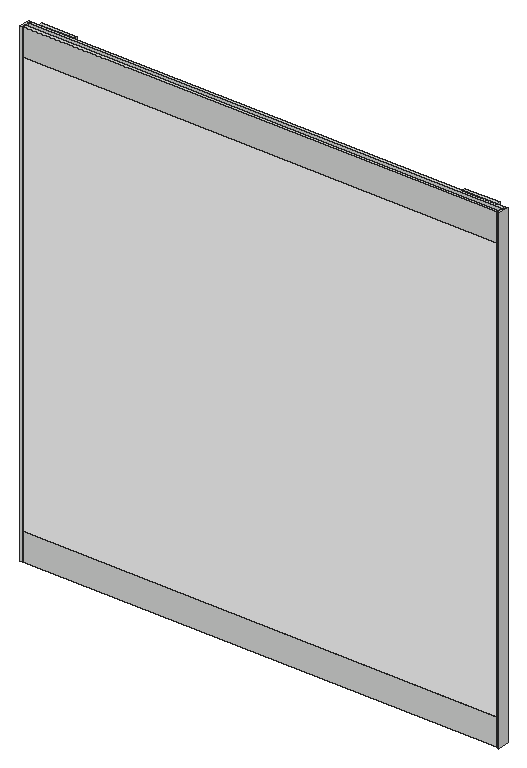
Revit family "Work_Tools-Teknion-AFWS_Focus_Wall_Sliding_Whiteboard-R2019", category Furniture, Revit 2019
Family settings
  OmniClass Number = 23.40.20.00
  OmniClass Title = General Furniture and Specialties
  Work Plane-Based = No
  Always vertical = Yes
  Cut with Voids When Loaded = No
  Shared = Yes
  Room Calculation Point = No
Parameters (values of type "48" Height")
  Width [instance] = 48.000"
  Warranty = "http://www.teknion.com/ca/papers/legal-canada"
  Unit Weight URL = "http://www.teknion.com/ca/tools/assets#&asset=bee6a381-b954-425e-8283-5a2de3a804f2,f828d448-4b62-4231-9e5f-9a8991c0ed77"
  URL = "www.teknion.com"
  To render please download texture images found here [instance] = "https://assets.teknion.com/web/5e81352c1dfdb467/revit-material-swatches/"
  Sustainability Data = "https://www.teknion.com/ca/tools/assets#&topic=216f99a5-57a0-44fc-b10a-9dee9b29ae4c&asset=444deb64-fe58-4b68-981e-f75e97781df7,b4ff2d81-9f2e-437d-9659-7cffb09c31cf"
  Series = "Tables & Collaborative Spaces"  # constant formula
  Product Page URL = "https://www.teknion.com/ca/products/product-details?productLineId=0191336e-8e7a-673b-a6c8-ff00004460c4"
  Product Line = "Tables & Collaborative Spaces"  # constant formula
  Product Documentation Link = "https://www.teknion.com/pricing/tables/pdfs/AFWS_ppg.pdf"
  Part Number = "AFWS"  # constant formula
  Model = "AFWS48__"
  Manufacturer Phone = "416-661-3370"  # constant formula
  Manufacturer Fax = "416.661.4586"  # constant formula
  Manufacturer Contact Information = "http://www.teknion.com/ca/contactus"
  Manufacturer Address = "1150 Flint Road, Toronto, ON. M3J 2J5. Canada"  # constant formula
  Manufacturer = "Teknion"  # constant formula
  How To Use Teknion Materials User Guide [instance] = "https://assets.teknion.com/m/205dd0a49fa58060/original/How-to-add-a-Material-Library-and-Texture-Images-to-your-Revit-project.pdf"
  Height = 78.250"
  For Additional Finishes please visit [instance] = "https://assets.teknion.com/m/44a8009b046e5d47/original/Teknion_Materials_Library.zip"
  Description = "Focus Wall Sliding Whiteboard, 48\" Height"
  Connection Node Visibility [instance] = yes
  Available Widths [instance] = "24\", 30\", 36\", 42\", or 48\""  # constant formula
  Assembly Code = "E2020200"
Types (3): name | Model | Height | Description
  (no name) | "AFWS48__" | 78.250" | "Focus Wall Sliding Whiteboard, 48\" Height"
  42" Height | "AFWS42__" | 72.250" | "Focus Wall Sliding Whiteboard, 42\" Height"
  48" Height | "AFWS48__" | 78.250" | "Focus Wall Sliding Whiteboard, 48\" Height"
Reference planes (in)
  plane 1 "Center Front/Back": y = -0.69094
  plane 2: z = 0
  plane 3 "Center Left/Right": x = 0
  plane 4 "Left": x = -24
  plane 5 "Right": x = 24
  plane 6 "Back": y = 0
  plane 7 "Front": y = -1.38189
  plane 8 "Top": z = 78.25
  plane 9: y = 1.80448
Forms (in)
  Sweep 1, solid, material "Metal - Teknion - AC - Clear Anodized"
    path origin (0, -0.69094, 0) x (1, 0, 0) y (0, 0, 1)
      loop
        line (0, 30.25) -> (0, 78.25)
    profile origin (0, -0.69094, 54.25) x (-1, 0, 0) y (0, -1, 0)
      loop
        line (24, -0.34843) -> (24, 0.69094) -> (23.74016, 0.69094) -> (23.74016, -0.34843) -> (24, -0.34843)
      loop
        line (-24, -0.34843) -> (-23.74016, -0.34843) -> (-23.74016, 0.69094) -> (-24, 0.69094) -> (-24, -0.34843)
  Sweep 2, solid, material "Metal - Teknion - AC - Clear Anodized"
    path origin (0, 0, 0) x (1, 0, 0) y (0, 1, 0)
      loop
        line (-23.74016, -0.69094) -> (23.74016, -0.69094)
    profile origin (0, -0.69094, 0) x (0, 1, 0) y (0, 0, 1)
      loop
        line (-0.69094, 75.49409) -> (0.34843, 75.49409) -> (0.34843, 78.25) -> (0.01772, 78.25) -> (0.01772, 77.91535) -> (-0.43504, 77.91535) -> (-0.43504, 78.25) -> (-0.69094, 78.25) -> (-0.69094, 75.49409)
      loop
        line (0.34843, 33.00591) -> (-0.69094, 33.00591) -> (-0.69094, 30.25) -> (0.34843, 30.25) -> (0.34843, 33.00591)
  Sweep 3, solid, material "Metal - Teknion - AC - Clear Anodized"
    path origin (0, 0, 0) x (1, 0, 0) y (0, 1, 0)
      loop
        line (0, -0.34252) -> (0, 0)
    profile origin (0, -0.17126, 0) x (-1, 0, 0) y (0, 0, 1)
      loop
        line (22.91732, 75.49409) -> (22.91732, 78.25) -> (19.41339, 78.25) -> (19.41339, 75.49409) -> (22.91732, 75.49409)
      loop
        line (-22.91732, 75.49409) -> (-19.41339, 75.49409) -> (-19.41339, 78.25) -> (-22.91732, 78.25) -> (-22.91732, 75.49409)
      loop
        line (22.91732, 30.25) -> (22.91732, 33.00591) -> (19.41339, 33.00591) -> (19.41339, 30.25) -> (22.91732, 30.25)
      loop
        line (-19.41339, 30.25) -> (-19.41339, 33.00591) -> (-22.91732, 33.00591) -> (-22.91732, 30.25) -> (-19.41339, 30.25)
  Sweep 4, solid, material "Metal-Teknion-WZ-Whiteboard"
    path origin (0, 0, 0) x (1, 0, 0) y (0, 1, 0)
      loop
        line (0, -0.34252) -> (0, -1.38189)
    profile origin (0, -0.8622, 0) x (1, 0, 0) y (0, 0, 1)
      loop
        line (-23.74016, 75.49409) -> (-23.74016, 33.00591) -> (23.74016, 33.00591) -> (23.74016, 75.49409) -> (-23.74016, 75.49409)
Lines and regions (in)
  Masking region 1
    outline origin (0, 0, 0) x (1, 0, 0) y (0, 1, 0)
      loop
        line (-24, -0.34252) -> (-24, -1.38189) -> (-23.74016, -1.38189) -> (-23.74016, -0.34252) -> (-24, -0.34252)
      loop
        line (23.74016, -0.34252) -> (23.74016, -1.38189) -> (24, -1.38189) -> (24, -0.34252) -> (23.74016, -0.34252)
      loop
        line (19.41339, 0) -> (19.41339, -0.34252) -> (22.91732, -0.34252) -> (22.91732, 0) -> (19.41339, 0)
      loop
        line (-22.91732, 0) -> (-22.91732, -0.34252) -> (-19.41339, -0.34252) -> (-19.41339, 0) -> (-22.91732, 0)
  Masking region 2
    outline origin (0, 0, 0) x (1, 0, 0) y (0, 1, 0)
      loop
        line (-23.74016, -0.34252) -> (-23.74016, -0.67323) -> (23.74016, -0.67323) -> (23.74016, -0.34252) -> (-23.74016, -0.34252)
  Masking region 3
    outline origin (0, 0, 0) x (1, 0, 0) y (0, 1, 0)
      loop
        line (-23.74016, -1.12598) -> (-23.74016, -1.38189) -> (23.74016, -1.38189) -> (23.74016, -1.12598) -> (-23.74016, -1.12598)
  Masking region 4
    outline origin (0, 0, 0) x (1, 0, 0) y (0, 1, 0)
      loop
        line (-23.74016, -0.67323) -> (-23.74016, -1.12598) -> (23.74016, -1.12598) -> (23.74016, -0.67323) -> (-23.74016, -0.67323)
  reference lines
    curve 1: line (24, 0, 0) -> (24, -1.38189, 0)
    curve 2: line (-24, 0, 0) -> (-24, -1.38189, 0)
Dimensions and locks (in)
  "Width": plane 4 "Left" to plane 5 "Right"
  locked: plane 6 "Back" to plane 7 "Front" at 1.38189
  "Height": plane 8 "Top" to level
  equal spacing: plane 6 "Back", plane 1 "Center Front/Back", plane 7 "Front"
  equal spacing: plane 4 "Left", plane 3 "Center Left/Right", plane 5 "Right"
  locked: Sweep 1 sketch curve to level at 30.25
  plane 7 "Front" to Sweep 1 sketch curve to Sweep 1 sketch curve to Sweep 1 sketch curve to Sweep 1 sketch curve = 0.000" locked, 0.000" locked, 1.03937" locked, 0.000" locked
  plane 4 "Left" to Sweep 1 sketch curve to Sweep 1 sketch curve = 0.000" locked, 0.25984" locked
  Sweep 1 sketch curve to plane 5 "Right" to Sweep 1 sketch curve = 0.25984" locked, 0.000" locked
  locked: Sweep 2 sketch curve to plane 5 "Right" at 0.25984
  locked: plane 4 "Left" to Sweep 2 sketch curve at 0.25984
  level to Sweep 2 sketch curve to Sweep 2 sketch curve = 30.250" locked, 2.75591" locked
  Sweep 2 sketch curve to plane 7 "Front" to Sweep 2 sketch curve = 1.03937" locked, 0.000" locked
  Sweep 2 sketch curve to Sweep 2 sketch curve to plane 8 "Top" to Sweep 2 sketch curve to Sweep 2 sketch curve = 0.000" locked, 0.000" locked, 0.33465" locked, 2.42126" locked
  Sweep 2 sketch curve to Sweep 2 sketch curve to Sweep 2 sketch curve to plane 7 "Front" to Sweep 2 sketch curve = 0.33071" locked, 0.45276" locked, 0.25591" locked, 0.000" locked
  plane 6 "Back" to Sweep 3 sketch curve to Sweep 3 sketch curve = 0.000" locked, 0.34252" locked
  Sweep 3 sketch curve to plane 8 "Top" to Sweep 3 sketch curve to Sweep 3 sketch curve to Sweep 3 sketch curve = 0.000" locked, 0.000" locked, 2.75591" locked, 0.000" locked
  Sweep 3 sketch curve to Sweep 3 sketch curve to Sweep 3 sketch curve to Sweep 3 sketch curve to level = 0.000" locked, 2.75591" locked, 0.000" locked, 30.250" locked
  Sweep 3 sketch curve to Sweep 3 sketch curve to Sweep 3 sketch curve to Sweep 3 sketch curve to plane 4 "Left" = 0.000" locked, 3.50394" locked, 0.000" locked, 1.08268" locked
  Sweep 3 sketch curve to Sweep 3 sketch curve to Sweep 3 sketch curve to Sweep 3 sketch curve to plane 5 "Right" = 0.000" locked, 3.50394" locked, 0.000" locked, 1.08268" locked
  Sweep 4 sketch curve to Sweep 4 sketch curve to plane 7 "Front" = 1.03937" locked, 0.000" locked
  locked: Sweep 4 sketch curve to plane 4 "Left" at 0.25984
  locked: Sweep 4 sketch curve to plane 5 "Right" at 0.25984
  locked: Sweep 4 sketch curve to level at 33.00591
  locked: plane 8 "Top" to Sweep 4 sketch curve at 2.75591
  locked: nested 1 to plane 6 "Back" at 1.80448
  locked: nested 2 to plane 6 "Back" at 1.80448
  aligned and locked: level to plane 2
  aligned and locked: plane 8 "Top" to Sweep 1 sketch curve
  aligned and locked: plane 3 "Center Left/Right" to Sweep 1 sketch curve
  aligned and locked: plane 1 "Center Front/Back" to Sweep 2 sketch curve
  aligned and locked: plane 3 "Center Left/Right" to Sweep 3 sketch curve
  aligned and locked: Sweep 4 sketch curve to plane 3 "Center Left/Right"
  aligned and locked: Masking region 1 sketch curve to Sweep 1  (x5)
  aligned and locked: Masking region 1 sketch curve to Sweep 2
  aligned and locked: Masking region 1 sketch curve to plane 7 "Front"
  aligned and locked: plane 5 "Right" to Masking region 1 sketch curve
  aligned and locked: Masking region 1 sketch curve to Sweep 3  (x7)
  aligned and locked: Sweep 3 to Masking region 1 sketch curve
  aligned and locked: Masking region 2 sketch curve to Sweep 2  (x2)
  aligned and locked: Masking region 2 sketch curve to Sweep 1
  aligned and locked: Sweep 1 to Masking region 2 sketch curve
  aligned and locked: Sweep 1 to Masking region 3 sketch curve
  aligned and locked: Masking region 4 sketch curve to Sweep 2  (x3)
  aligned and locked: Sweep 2 to Masking region 4 sketch curve
  aligned and locked: plane 4 "Left" to nested 1
  aligned and locked: nested 2 to plane 5 "Right"
  aligned and locked: curve 1 to plane 5 "Right"
  aligned and locked: curve 2 to plane 4 "Left"
Automatic sketch dimensions
  Masking region 1 sketch curve to plane 7 "Front" = 0.000"
  plane 7 "Front" to Masking region 3 sketch curve = 0.000"
  plane 4 "Left" to Masking region 3 sketch curve = 0.25984"
  Masking region 3 sketch curve to plane 7 "Front" = 0.25591"
  plane 7 "Front" to curve 1 = 0.000"
  curve 1 to plane 6 "Back" = 0.000"
  curve 2 to plane 7 "Front" = 0.000"
  curve 2 to plane 6 "Back" = 0.000"
Nested families (in)
  nested 1: "Teknion_2D_Node_Family-R2016" at (-24, 1.80448, 0), visible <- "Connection Node Visibility", type "Teknion_2D_Node_Family-R2016"
  nested 2: "Teknion_2D_Node_Family-R2016" at (24, 1.80448, 0), visible <- "Connection Node Visibility", type "Teknion_2D_Node_Family-R2016"
Definition of nested family "Teknion_2D_Node_Family-R2016"
  Reference planes (in)
    plane 1 "Center (Front/Back)": y = 0
    plane 2: z = 0
    plane 3 "Center (Left/Right)": x = 0
  Lines and regions (in)
    detail lines, in view "Ref. Level"
      curve 1: circle (0, 0, 0) r 1.25 normal (0, 0, 1)
      curve 2: line (1.91508, -1.91508, 0) -> (-1.91508, 1.91508, 0)
      curve 3: line (-1.91508, -1.91508, 0) -> (1.91508, 1.91508, 0)
